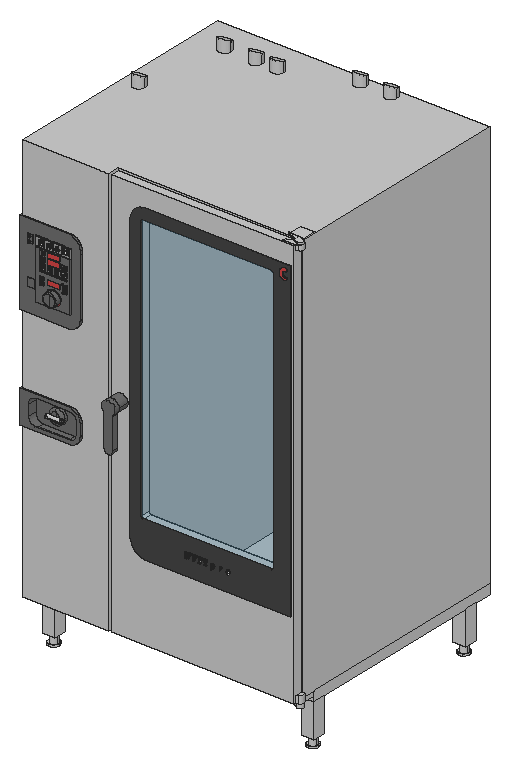
Revit family "QF_WELBILT-CONVOTHERM_CMX-PRO-ED-20-20-GS.240704053454", category Specialty Equipment, Revit 2020 (continued)
Definition of nested family "QF_WELBILT-CONVOTHERM_CMX-PRO-ED-20-20-GS-RX_230V_1Ph_50Hz"
  Lines and regions (mm)
    symbolic lines
      curve 2: line (0, 0, 0) -> (0, -1020, 0)
      curve 3: circle (67, -495.972, 0) r 25 normal (0, 0, 1)
      curve 4: circle (627, -37.965, 0) r 25 normal (0, 0, 1)
      curve 5: line (1135, 0, 0) -> (1135, -1020, 0)
      curve 6: line (1135, -1020, 0) -> (0, -1020, 0)
      curve 7: line (382.949, -1085, 0) -> (439.051, -1085, 0)
      curve 8: line (439.051, -1085, 0) -> (439.051, -1020, 0)
      curve 9: line (382.949, -1085, 0) -> (382.949, -1020, 0)
      curve 10: line (361, -1020, 0) -> (361, -973, 0)
      curve 11: line (361, -973, 0) -> (1135, -973, 0)
      curve 17: line (-4, -991.65, 0) -> (0, -991.65, 0)
      curve 18: line (-4, -991.65, 0) -> (-4, -1027.65, 0)
      curve 19: line (-4, -1027.65, 0) -> (247, -1027.65, 0)
      curve 20: line (247, -1027.65, 0) -> (247, -1020, 0)
      curve 21: line (371, -973, 0) -> (371, -1020, 0)
      curve 22: line (1135, -973, 0) -> (1152.112, -987.672, 0)
      curve 23: line (1135, -1020, 0) -> (1150.524, -1010.106, 0)
      curve 24: arc (1150.524, -1010.106, 0) -> (1156.965, -999.289, 0) -> (1152.112, -987.672, 0) r 14
      curve 28: circle (754, -37.965, 0) r 25 normal (0, 0, 1)
      curve 30: circle (138, -135.965, 0) r 25 normal (0, 0, 1)
      curve 31: circle (268, -135.965, 0) r 25 normal (0, 0, 1)
      curve 32: circle (358, -135.965, 0) r 25 normal (0, 0, 1)
      curve 33: line (108.355, -1027.65, 0) -> (108.355, -1050.55, 0)
      curve 34: arc (108.355, -1050.55, 0) -> (108.873, -1051.8, 0) -> (110.123, -1052.318, 0) r 1.768
      curve 35: line (110.123, -1052.318, 0) -> (160.607, -1052.318, 0)
      curve 36: line (162.375, -1027.65, 0) -> (162.375, -1050.55, 0)
      curve 37: arc (162.375, -1050.55, 0) -> (161.857, -1051.8, 0) -> (160.607, -1052.318, 0) r 1.768
    symbolic lines, visible <- "Show Clearance"
      curve 12: line (1135, -1020, 0) -> (1135, -1784, 0)
      curve 13: line (-50, -1020, 0) -> (-50, 50, 0)
      curve 14: line (-50, 50, 0) -> (1185, 50, 0)
      curve 15: line (1185, -1020, 0) -> (1185, 50, 0)
      curve 16: line (1092, -1020, 0) -> (1092, -1782.789, 0)
      curve 25: line (1200, -1773, 0) -> (1200, -1716.897, 0)
      curve 26: line (1200, -1716.897, 0) -> (1135, -1716.897, 0)
      curve 27: line (1200, -1773, 0) -> (1135, -1773, 0)
      curve 29: arc (371, -1020, 0) -> (594.77, -1560.23, 0) -> (1135, -1784, 0) r 764
  Dimensions and locks
    plane 5 "Front" to plane 1 "Back" = 1020 mm
    plane 6 "Top" to level = 1934 mm  (x2)
    plane 4 "Right" to plane 3 "Left" = 1135 mm
    plane 1 "Back" to plane 5 "Front" = 1020 mm
    plane 3 "Left" to plane 4 "Right" = 1135 mm
    aligned and locked: level to plane 2
